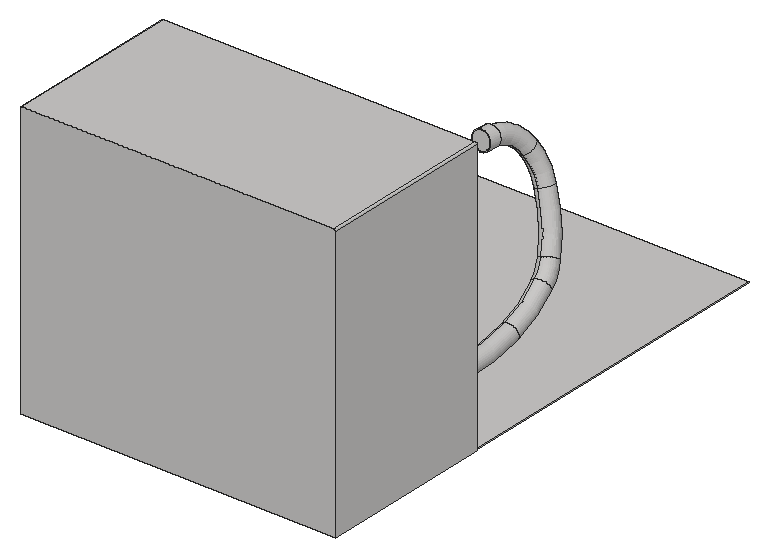
Revit family "PRD_FrankeWS_WlHngWshBsns_AnimaWashBasin_ANMX212N,216", category Plumbing Fixtures, host Face, Revit 2018
Family settings
  Host = Face
  Round Connector Dimension = Use Diameter
  Part Type = Normal
  OmniClass Number = 23.45.05.14.14
  OmniClass Title = Sinks/Lavatories
  Cut with Voids When Loaded = No
  Shared = No
  Room Calculation Point = No
Parameters (values of type "ANMX216")
  WaterSupplyOverflowAndWasteHolesWaterSupply = 32 mm
  WaterSupplyOverflowAndWasteHolesWaste = "CENTRE-CENTRE"
  WaterSupplyOverflowAndWasteHolesOverflow = "None"
  WasteSize = 32 mm
  WasteKitIncluded = "yes"
  WashbasinMaterial = PRD_AR_StainlessSteel_SatinFinished
  WashHandBasinType = "HandRinse"
  WashHandBasinMounting = "WallHung"
  WarrantyStartDate [instance] = "1900-12-31T23:59:59"
  WarrantyGuarantorParts = "n/a"
  WarrantyGuarantorLabor = "n/a"
  WarrantyDurationUnit = "year"
  WarrantyDurationParts = "n/a"
  WarrantyDurationLabor = "n/a"
  WarrantyDescription = "n/a"
  Version = "1"
  Uniclass2015Version = "Products v1.10"
  Uniclass2015Title = "Wall-hung wash basins"
  Uniclass2015Code = "Pr_40_20_96_96"
  URL = "www.kwc.com"
  TypeOfBasin = "Vanity basin"
  Type = ANMX216 : ANMX216
  TapHolePosition = "right"
  TagNumber [instance] = "n/a"
  SustainabilityPerformance = "n/a"
  Standard = "n/a"
  Splashback = "yes"
  Size = "305 x 501 x 268 mm"
  TapMaterial = PRD_AR_StainlessSteel_SatinFinished
  Shape = "n/a"
  SerialNumber [instance] = "n/a"
  Revision = "n/a"
  ReplacementCost = "n/a"
  ProductInformation = "https://pim.kwc.com/product/2000101028/attachment/datasheet?locale=en"
  OverflowClass = "n/a"
  Overflow = "no"
  OutletSize = "DN 32 (1 1/4 inch.)"
  OutletOffset = 133.5 mm
  OutletDepth = 126.194 mm
  NumberOfTapHoles = 1
  NominalWidth = 501 mm
  NominalLength = 268 mm
  NominalHeight = 501 mm
  NetWeight = 4.00 kg
  Name = "ANIMA Wash basins ANMX216"
  NBSTypeID = "n/a"
  NBSReference = "45-35-70/369"
  NBSOfficeMasterTag = "n/a"
  NBSNote = "n/a"
  NBSDescription = "Wall hung wash basins"
  NBSCertification = "n/a"
  ModelReference = "ANMX216"
  ModelNumber = "2000101028"
  Model = ModelReference  # "ANMX216"
  MaterialsFinishAndColour = "Stainless steel"
  MaterialsBody = "Stainless steel 1.4301"
  Material = "Stainless steel"
  ManufacturerURL = "www.kwc.com"
  ManufacturerName = "KWC Group AG"  # constant formula
  Manufacturer = ManufacturerName  # "KWC Group AG"
  IntegralAccessories = "Screws and plugs are not supplied."
  InstallationDate [instance] = "1900-12-31T23:59:59"
  InletSize = "DN 15 (1/2 inch.)"
  InletOffset = 128.5 mm
  InletDepth = 169.9 mm
  IfcExportType = "WASHHANDBASIN"
  IfcExportAs = "IfcSanitaryTerminalType"
  GrossWeight = 4.30 kg
  Grade = "n/a"
  Form = "Wall hung wash basin"
  FlowHotWater = 0.0 L/s
  FlowColdWater = 0.0 L/s
  Finish = "Satin polish finished"
  Features = "Wash basin with knee operations, stainless steel, 0.90 mm, satin finished, wall mounting, 305x501x268 mm (WxHxD)"
  ExpectedLife = "n/a"
  DurationUnit = "year"
  DrainSize = "DN 32 (1 1/4 inch.)"
  DiameterNominal = 15 mm
  Description = "Knee operated wash hand basin is manufactured from stainless steel - satin polish finish, material thickness 0.9 mm. Supplied complete with water spout positioned in rear right hand corner and 32 mm waste outlet. Note: The pre-mixing valve and the pipework linking the water spout to the knee operated front panel is all supplied with the washbasin. Wall mounted by fitting a top joggle strip under the upstand return and by screw fixing through the integral rear brackets. Screws and plugs are not supplied."
  Default Elevation = 850 mm
  CreateOn = "11/2018"  # constant formula
  Constituents = "n/a"
  ConnectingDimensions = "n/a"
  Color = "Stainless steel"
  CodePerformance = "n/a"
  Category = "Pr_40_20_96_96, Wall-hung wash basins"
  BarCode [instance] = "n/a"
  BIMObjectName = "PRD_AR_WallHungWashBasins_AnimaWashBasin_ANMX216"
  Author = "Archispace"  # constant formula
  AssetType = "Fixed"
  AssetIdentifier [instance] = "n/a"
  AccessibilityPerformance = "n/a"
Types (2, lengths in mm): name | Type | TapHolePosition | Size | ProductInformation | OutletOffset | OutletDepth | NominalWidth | NominalLength | NominalHeight | NetWeight | Name | ModelReference | ModelNumber | Model | InletOffset | InletDepth | GrossWeight | Features | Description | BIMObjectName
  ANMX216 | ANMX216 : ANMX216 | "right" | "305 x 501 x 268 mm" | "https://pim.kwc.com/product/2000101028/attachment/datasheet?locale=en" | 133.5 | 126.194 | 501 | 268 | 501 | 4.00 kg | "ANIMA Wash basins ANMX216" | "ANMX216" | "2000101028" | "ANMX216" | 128.5 | 169.9 | 4.30 kg | "Wash basin with knee operations, stainless steel, 0.90 mm, satin finished, wall mounting, 305x501x268 mm (WxHxD)" | "Knee operated wash hand basin is manufactured from stainless steel - satin polish finish, material thickness 0.9 mm. Supplied complete with water spout positioned in rear right hand corner and 32 mm waste outlet. Note: The pre-mixing valve and the pipework linking the water spout to the knee operated front panel is all supplied with the washbasin. Wall mounted by fitting a top joggle strip under the upstand return and by screw fixing through the integral rear brackets. Screws and plugs are not supplied." | "PRD_AR_WallHungWashBasins_AnimaWashBasin_ANMX216"
  ANMX212N | ANMX212N : ANMX212N | "Right" | "338 x 535 x 343 mm" | "https://pim.kwc.com/product/2030034760/attachment/datasheet?locale=en" | 170.7 | 161.2 | 338 | 343 | 535 | 5.00 kg | "ANIMA Wash basins ANMX212N" | "ANMX212N" | "2030034760" | "ANMX212N" | 162 | 198 | 5.30 kg | "Wash basin with knee operations, stainless steel, 0.90 mm, satin polish finished, wall mounting" | "Knee operated wash hand basin is manufactured from stainless steel - satin polish finish, material thickness 0.9mm. Supplied complete with water spout positioned in rear right hand corner and 32mm waste outlet. Note: The pre-mixing valve and the pipework linking the water spout to the knee operated front panel is all supplied with the washbasin. Wall mounted by fitting a top joggle strip under the upstand return and by screw fixing through the integral rear brackets. Screws and plugs are not supplied." | "PRD_AR_WallHungWashBasins_AnimaWashBasin_ANMX212N"
Reference planes
  plane 1 "Center (Front/Back)": y = 0
  plane 2: z = 0
  plane 3 "Center (Left/Right)": x = 0
Forms (mm)
  Extrusion 1, solid, not visible
    sketch origin (0, 0, 0) x (1, 0, 0) y (0, 0, 1)
      loop
        circle (134.5, 128.5) r 5
      loop
        circle (25.5, 128.5) r 5
    from 169.9 to 170.9
  Extrusion 2, solid, not visible
    sketch origin (0, 0, 0) x (1, 0, 0) y (0, 0, 1)
      loop
        circle (0, 133.5) r 5
    from 126.194 to 127.2
Dimensions and locks
  "OutletOffset": level to Extrusion 2 sketch curve
  "OutletDepth": plane 1 "Center (Front/Back)" to Extrusion 2
  locked: Extrusion 2 to Extrusion 2 at 1.006
  locked: Extrusion 1 to Extrusion 1 at 1
  "InletDepth": plane 1 "Center (Front/Back)" to Extrusion 1
  "InletOffset": Extrusion 1 sketch curve to level  (x2)
  aligned and locked: plane 2 to host face
  aligned and locked: level to host face
Automatic sketch dimensions
  host sketch curve to host sketch curve = 2438.4 mm  (x2)
  plane 3 "Center (Left/Right)" to Extrusion 1 sketch curve = 25.5 mm
  Extrusion 1 sketch curve to Extrusion 1 sketch curve = 109 mm
  Extrusion 2 sketch curve to plane 3 "Center (Left/Right)" = 0 mm
  radius of Extrusion 1 sketch curve = 5 mm  (x2)
  radius of Extrusion 2 sketch curve = 5 mm
Nested families
  nested 1: "ANMX216" at (0, 0, 0), type <- "Type", type "ANMX216"
    with WarrantyStartDate "1900-12-31T23:59:59", TagNumber "n/a", SerialNumber "n/a", InstallationDate "1900-12-31T23:59:59", BarCode "n/a", AssetIdentifier "n/a"
Connectors
  piping at (25.5, -170.9, 128.5), diameter 15, driven by "DiameterNominal", driven by "FlowHotWater", driven by "InletSize"
    settings: on Extrusion 1, index 1, connector inside diameter 609.6 mm, connector length 0 mm, flow factor 0, pipe flow 0.0 L/s, pressure drop 0.0 Pa, fitting loss kfactor 0, connector angle 0.00°, fixture units 0, engagement length 0 mm, angle of deflection 0.00°, flow configuration 2, flow direction 1, fitting loss method 0, system type 19, joint type 0, gender type 0, connector reference index -1, connector utility 0, adjustable connector no, is connector primary yes, connector description "DN 15 (1/2 inch.)"
  piping at (134.5, -170.9, 128.5), diameter 15, driven by "FlowColdWater", driven by "DiameterNominal", driven by "InletSize"
    settings: on Extrusion 1, index 2, connector inside diameter 609.6 mm, connector length 0 mm, flow factor 0, pipe flow 0.0 L/s, pressure drop 0.0 Pa, fitting loss kfactor 0, connector angle 0.00°, fixture units 0, engagement length 0 mm, angle of deflection 0.00°, flow configuration 2, flow direction 1, fitting loss method 0, system type 20, joint type 0, gender type 0, connector reference index -1, connector utility 0, adjustable connector no, is connector primary no, connector description "DN 15 (1/2 inch.)"
  piping at (0, -127.2, 133.5), diameter 32, driven by "WasteSize", driven by "OutletSize"
    settings: on Extrusion 2, index 3, connector inside diameter 609.6 mm, connector length 0 mm, flow factor 0, pipe flow 0.0 L/s, pressure drop 0.0 Pa, fitting loss kfactor 0, connector angle 0.00°, fixture units 0, engagement length 0 mm, angle of deflection 0.00°, flow configuration 2, flow direction 2, fitting loss method 0, system type 16, joint type 0, gender type 0, connector reference index -1, connector utility 0, adjustable connector no, is connector primary no, connector description "DN 32 (1 1/4 inch.)"
Definition of nested family "ANMX216"
  Parameters (values of type "ANMX216")
    WaterSupplyOverflowAndWasteHolesWaterSupply = 25 mm
    WaterSupplyOverflowAndWasteHolesWaste = "CENTRE-CENTRE"
    WaterSupplyOverflowAndWasteHolesOverflow = "None"
    WasteSize = 25 mm
    WashbasinMaterial = none
    WashHandBasinType = "HandRinse"
    WashHandBasinMounting = "WallHung"
    WarrantyStartDate [instance] = "1900-12-31T23:59:59"
    WarrantyGuarantorParts = "n/a"
    WarrantyGuarantorLabor = "n/a"
    WarrantyDurationUnit = "year"
    WarrantyDurationParts = "n/a"
    WarrantyDurationLabor = "n/a"
    WarrantyDescription = "n/a"
    Version = "1"
    Uniclass2015Version = "Products v1.7"
    Uniclass2015Title = "Wall-hung wash basins"
    Uniclass2015Code = "Pr_40_20_96_96"
    URL = "www.franke.com"
    TagNumber [instance] = "n/a"
    SustainabilityPerformance = "n/a"
    Standard = "n/a"
    Size = "305 x 501 x 268 mm"
    SinkMaterial = none
    Shape = "n/a"
    SerialNumber [instance] = "n/a"
    Revision = "n/a"
    ReplacementCost = "n/a"
    ProductInformation = "http://igh.franke.mycontent.ch/ch/pdf/Franke_ZDS_2000101028_EN.pdf"
    OverflowClass = "n/a"
    NominalWidth = 305 mm
    NominalLength = 268 mm
    NominalHeight = 501 mm
    NominalDepth = 501 mm
    NetWeight = 4.00 kg
    Name = "ANIMA Wash basins ANMX216"
    NBSTypeID = "n/a"
    NBSReference = "45-35-70/369"
    NBSOfficeMasterTag = "n/a"
    NBSNote = "n/a"
    NBSDescription = "Wall hung wash basins"
    NBSCertification = "n/a"
    ModelReference = "ANMX216"
    ModelNumber = "2000101028"
    Model = ModelReference  # "ANMX216"
    MaterialsFinishAndColour = "Stainless steel"
    MaterialsBody = "Stainless steel"
    Material = "Stainless steel"
    ManufacturerURL = "www.franke.com"
    ManufacturerName = "FRANKE Water Systems AG"  # constant formula
    Manufacturer = ManufacturerName  # "FRANKE Water Systems AG"
    IntegralAccessories = "Screws and plugs are not supplied."
    InstallationDate [instance] = "1900-12-31T23:59:59"
    IfcExportType = "WASHHANDBASIN"
    IfcExportAs = "IfcSanitaryTerminalType"
    GrossWeight = 4.30 kg
    Grade = "n/a"
    Form = "Wall hung wash basin"
    FlowHotWater = 0.07 L/s
    FlowColdWater = 0.07 L/s
    Flow = 0.1 L/s
    Finish = "Satin finished"
    Features = "Wash basin with knee operations, stainless steel, 0.90 mm, satin finished, wall mounting, 305x501x268 mm (WxHxD)"
    ExpectedLife = "n/a"
    DurationUnit = "year"
    DrainSize = 25 mm
    Description = "QUADRO niche washbasin made of MIRANIT resin-bonded mineral with smooth, pore-free surface (temperature-resistant up to 80°C). For installation in a recess between two walls, with lateral cuts of 90°. With one centrally positioned, seamless rectangular bowl, without overflow. Integral back panel with integrated brackets and holes for fixing. Rear contoured edge. Front apron. Mounting material included. The installer can use a disc grinder to adapt the length. Alpine White colour, dimensions of bowl 580 x 40/90 x 360 mm (W x H x D). with taphole, dimensions of washbasin 1300 x 60 x 530 mm (W x H x D)"
    Default Elevation = 850 mm
    Description_2 = "Knee operated wash hand basin is manufactured from stainless steel - satin polish finish, material thickness 0.9mm. Supplied complete with water spout positioned in rear right hand corner (tap hole 32 mm) and waste outlet DN25. Note: The pre-mixing valve and the pipework linking the water spout to the knee operated front panel is all supplied with the washbasin. Wall mounted by fitting a top joggle strip under the upstand return and by screw fixing through the integral rear brackets. Screws and plugs are not supplied."
    Constituents = "n/a"
    ConnectingDimensions = "n/a"
    Color = "Stainless steel"
    CodePerformance = "n/a"
    Category = "Pr_40_20_96_96, Wall-hung wash basins"
    BarCode [instance] = "n/a"
    BIMObjectName = "PRD_FrankeWS_WallHungWashBasins_QuadroWashBasin_ANMW511"
    Author = "Archispace"  # constant formula
    AssetType = "Fixed"
    AssetIdentifier [instance] = "n/a"
    AccessibilityPerformance = "n/a"
  Reference planes
    plane 1 "Center (Front/Back)": y = 0
    plane 2: z = 0
    plane 3 "Center (Left/Right)": x = 0
    plane 4: z = 128.5
  Forms (mm)
    Extrusion 1, solid
      sketch origin (0, 0, 0) x (1, 0, 0) y (0, 1, 0)
        loop
          line (-1219.2, 1219.2) -> (-1219.2, -1219.2) -> (1219.2, -1219.2) -> (1219.2, 1219.2) -> (-1219.2, 1219.2)
      from 0 to -304.8
    Extrusion 2, solid, material <- "WashbasinMaterial", detail levels fine
      sketch origin (0, 0, 0) x (1, 0, 0) y (0, 0, 1)
        loop
          line (-152.5, 0) -> (152.5, 0) -> (152.5, 265.214)
          arc (152.5, 265.214) -> (151.977, 266.477) -> (150.714, 267) r 1.786
          line (150.714, 267) -> (-150.681, 267)
          arc (-150.681, 267) -> (-151.967, 266.467) -> (-152.5, 265.181) r 1.819
          line (-152.5, 265.181) -> (-152.5, 0)
      from 0 to 170.9
    Revolve 3, void
      sketch origin (0, 0, 0) x (0, 1, 0) y (0, 0, 1)
        loop
          line (-1.169, 248.165) -> (-114.357, 196.492)
          arc (-114.357, 196.492) -> (-114.825, 196.086) -> (-115, 195.491) r 1.1
          line (-115, 195.491) -> (-115, 166.81)
          arc (-115, 166.81) -> (-115.088, 166.224) -> (-115.343, 165.69) r 2
          line (-115.343, 165.69) -> (-126.194, 149.642) -> (-126.194, 133.5) -> (0, 133.5) -> (0, 249.984)
          arc (0, 249.984) -> (-0.318, 248.903) -> (-1.169, 248.165) r 2
        axis (-126.194, 133.5) -> (0, 133.5)
      angle from 0 to 360
    Revolve 4, solid, material <- "WashbasinMaterial", detail levels fine
      sketch origin (0, 0, 0) x (0, 1, 0) y (0, 0, 1)
        loop
          line (-111.094, 163.697) -> (-112.093, 163.75) -> (-112.487, 156.222)
          arc (-112.487, 156.222) -> (-112.719, 155.638) -> (-113.258, 155.314) r 0.982
          line (-113.258, 155.314) -> (-124.417, 152.544)
          arc (-124.417, 152.544) -> (-126.057, 151.48) -> (-126.694, 149.632) r 3
          line (-126.694, 149.632) -> (-126.694, 133.7) -> (-125.694, 133.7) -> (-125.694, 149.632)
          arc (-125.694, 149.632) -> (-125.27, 150.864) -> (-124.176, 151.573) r 2
          line (-124.176, 151.573) -> (-113.028, 154.341)
          arc (-113.028, 154.341) -> (-111.952, 154.998) -> (-111.489, 156.17) r 1.982
          line (-111.489, 156.17) -> (-111.094, 163.697)
        axis (-126.694, 133.7) -> (-111.094, 133.7)
      angle from 0 to 360
    Extrusion 5, solid, material <- "WashbasinMaterial", detail levels medium+fine
      sketch origin (0, 0, 0) x (-1, 0, 0) y (0, 0, 1)
        loop
          line (-150.7, 0.9) -> (-150.7, 0) -> (150.7, 0) -> (150.7, 0.9) -> (-150.7, 0.9)
      from 0 to 330
    Extrusion 6, solid, material <- "WashbasinMaterial", detail levels coarse
      sketch origin (0, 0, 0) x (1, 0, 0) y (0, 0, 1)
        loop
          line (-152.5, 267) -> (-152.5, 0) -> (152.5, 0) -> (152.5, 267) -> (-152.5, 267)
      from 0 to 170.9
    Extrusion 7, solid, material <- "WashbasinMaterial", detail levels medium
      sketch origin (0, 0, 0) x (1, 0, 0) y (0, 0, 1)
        loop
          line (152.5, 267) -> (-152.5, 267) -> (-152.5, 0) -> (152.5, 0) -> (152.5, 267)
      from 0 to 170.9
    Revolve 8, void
      sketch origin (0, 0, 0) x (0, 1, 0) y (0, 0, 1)
        loop
          line (0, 248.699) -> (-115, 196.198) -> (-115, 133.5) -> (0, 133.5) -> (0, 248.699)
        axis (0, 133.5) -> (-115, 133.5)
      angle from 0 to 360
    Extrusion 9, solid, not visible
      sketch origin (0, 0, 0) x (1, 0, 0) y (0, 0, 1)
        loop
          circle (0, 133.5) r 16
      from 126.194 to 127.2
  Cuts and joins
    Revolve 3 cuts Extrusion 2
    Revolve 8 cuts Extrusion 7
  Dimensions and locks
    cut or joined group of Extrusion 7, Revolve 8 to plane 4 = 138.5 mm
    aligned and locked: plane 2 to Extrusion 1
    aligned and locked: level to Extrusion 1
  Nested families
    nested 1: "ANIMA_ANMX216 tap" at (110, 0, 40.654) x (-0.9397, 0, -0.342) z (0, -1, 0), type "ANIMA_ANMX216 tap"
  Definition of nested family "ANIMA_ANMX216 tap"
    Parameters (values of type "ANIMA_ANMX216 tap")
      SinkMaterial = none
      Default Elevation = 1219.2 mm
    Reference planes
      plane 1 "Środek (Przód/Tył)": y = 0
      plane 2: z = 0
      plane 3 "Środek (Lewa/Prawa)": x = 0
    Forms (mm)
      Extrusion 1, solid
        sketch origin (0, 0, 0) x (1, 0, 0) y (0, 1, 0)
          loop
            line (-1219.2, 1219.2) -> (-1219.2, -1219.2) -> (1219.2, -1219.2) -> (1219.2, 1219.2) -> (-1219.2, 1219.2)
        from 0 to -304.8
      Revolve 2, solid, material <- "SinkMaterial", detail levels fine
        sketch origin (0, 0, 0) x (0, -1, 0) y (0, 0, -1)
          loop
            line (24.671, 0) -> (24.237, 2.462)
            arc (24.237, 2.462) -> (23.848, 3.34) -> (23.095, 3.936) r 2
            line (23.095, 3.936) -> (12.954, 8.5) -> (10.675, 33.641)
            arc (10.675, 33.641) -> (10.192, 34.611) -> (9.181, 35) r 1.494
            line (9.181, 35) -> (0, 35) -> (0, 0) -> (24.671, 0)
          axis (0, 35) -> (0, 0)
        angle from 0 to 360
      Sweep 3, solid, material <- "SinkMaterial", detail levels fine
        path origin (0, 0, 0) x (0, -1, 0) y (0, 0, -1)
          loop
            arc (0, 35) -> (1.005, 65.022) -> (5.65, 94.7) r 246.787
            arc (5.65, 94.7) -> (13.082, 118.722) -> (24.423, 141.165) r 150.012
            arc (24.423, 141.165) -> (31.378, 149.97) -> (40.183, 156.926) r 48.141
            arc (40.183, 156.926) -> (65.528, 168.91) -> (92.879, 175.07) r 127.588
            arc (92.879, 175.07) -> (110.608, 174.356) -> (127.313, 168.377) r 58.704
            arc (127.313, 168.377) -> (142.915, 153.984) -> (149.717, 133.878) r 42.945
            line (149.717, 133.878) -> (150.565, 122.818)
        profile origin (0, -142.915, -153.984) x (0, -0.838671, -0.544639) y (1, 0, 0)
          loop
            circle (0, 0) r 8.5
      Sweep 4, solid, material <- "SinkMaterial", detail levels fine
        path origin (0, 0, 0) x (0, 1, 0) y (0, 0, 1)
          loop
            line (-149.717, -133.878) -> (-150.565, -122.818)
        profile origin (0, -150.141, -128.348) x (0, -0.997073, -0.07645) y (1, 0, 0)
          loop
            circle (0, 0) r 9.5
      Extrusion 5, solid, material <- "SinkMaterial", detail levels coarse
        sketch origin (0, 0, 0) x (1, 0, 0) y (0, 1, 0)
          loop
            line (-8.5, -159.041) -> (8.5, -159.041) -> (8.5, 24.671) -> (-8.5, 24.671) -> (-8.5, -159.041)
        from 0 to -184.481
      Extrusion 6, solid, material <- "SinkMaterial", detail levels medium
        sketch origin (0, 0, 0) x (1, 0, 0) y (0, 1, 0)
          loop
            line (-24.671, -24.671) -> (24.671, -24.671) -> (24.671, 24.671) -> (-24.671, 24.671) -> (-24.671, -24.671)
        from 0 to -35
      Sweep 7, solid, material <- "SinkMaterial", detail levels medium
        path origin (0, 0, 0) x (0, 1, 0) y (0, 0, 1)
          loop
            line (0, -35) -> (0, -170) -> (-145, -170) -> (-145, -122.391)
        profile origin (0, 0, -102.5) x (1, 0, 0) y (0, 1, 0)
          loop
            line (-9, -9.181) -> (9, -9.181) -> (9, 9.181) -> (-9, 9.181) -> (-9, -9.181)
    Dimensions and locks
      aligned and locked: plane 2 to Extrusion 1
      aligned and locked: level to Extrusion 1
